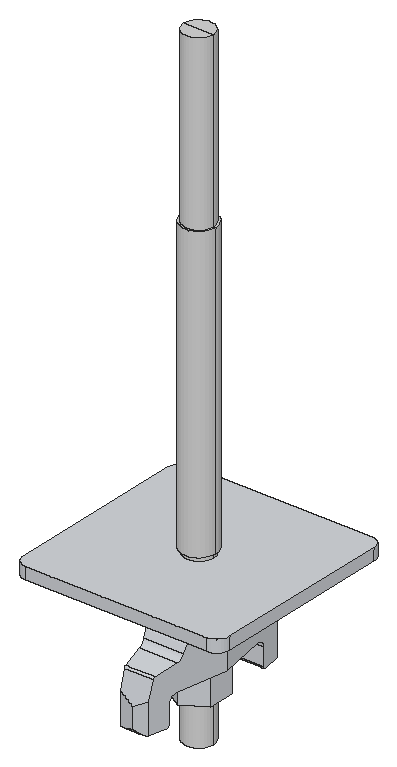
Revit family "MF_BULKHEAD BOLT_1904208", category Generic Models, Revit 2018
Family settings
  Can host rebar = No
  Round Connector Dimension = Use Diameter
  Part Type = Normal
  OmniClass Number = 35.51.14.00
  OmniClass Title = FORMWORK
  Work Plane-Based = Yes
  Always vertical = No
  Cut with Voids When Loaded = No
  Shared = Yes
  Room Calculation Point = No
Parameters
  VERSION = "20170217"  # constant formula
  URL = "www.ulmaconstruction.com/en"
  UNICLASS = ""
  Manufacturer = "ULMA CONSTRUCTION"  # constant formula
  ITEM_CODE = "1904208"
  FILTER [instance] = ""
  Default Elevation = 0.000 mm
  CLASSIFICATION_TITLE = ""
  CLASSIFICATION_NUMBER = ""
Reference planes
  plane 1 "Centro (Frontal/Posterior)": y = 0
  plane 2: z = 0
  plane 3 "Centro (Izquierda/Derecha)": x = 0
Forms (mm)
  Revolve 1, solid, material "ULMA ZINC"
    sketch origin (0, 0, 79.5) x (1, 0, 0) y (0, 0, 1)
      loop
        line (0, 0) -> (0, -370) -> (8.5, -370) -> (8.5, -270) -> (10, -270) -> (10, -100) -> (8.5, -100) -> (8.5, 0) -> (0, 0)
      axis (0, 0) -> (0, -370)
    angle from 0 to 360
Dimensions and locks
  aligned and locked: level to plane 2
Nested families
  nested 1: "TUERCA PLACA CAMPANA 15_1900256_ULMA ANCHOR" at (0, 0, -193) x (0, 1, 0) z (0, 0, -1), type "TUERCA PLACA CAMPANA 15_1900256_ULMA ANCHOR"
    with FILTER ""
Definition of nested family "TUERCA PLACA CAMPANA 15_1900256_ULMA ANCHOR"
  Parameters (values of type "TUERCA PLACA CAMPANA 15_1900256_ULMA ANCHOR")
    VERSION = "20170217"  # constant formula
    URL = "www.ulmaconstruction.com/en"
    UNICLASS = ""
    Manufacturer = "ULMA CONSTRUCTION"  # constant formula
    ITEM_CODE = "1900256"
    FILTER [instance] = ""
    Default Elevation = 0.000 mm
    CLASSIFICATION_TITLE = ""
    CLASSIFICATION_NUMBER = ""
  Reference planes
    plane 1 "Centro (Frontal/Posterior)": y = 0
    plane 2: z = 0
    plane 3 "Centro (Izquierda/Derecha)": x = 0
    plane 4 "SECTION": through (-43.557, -43.557, 1200) normal (-0.7071, 0.7071, 0)
  Forms (mm)
    Extrusion 1, solid
      sketch origin (0, 0, 0) x (1, 0, 0) y (0, 1, 0)
        loop
          spline (-52.513, 59.998) -> (-53.491, 59.933) -> (-54.453, 59.743) -> (-55.381, 59.428) -> (-56.259, 58.995) -> (-57.074, 58.451) -> (-57.81, 57.805) -> (-58.456, 57.069) -> (-59, 56.254) -> (-59.433, 55.376) -> (-59.748, 54.448) -> (-59.939, 53.486) -> (-60.003, 52.508)
          line (-60.003, 52.508) -> (-60.003, -52.513)
          spline (-60.003, -52.513) -> (-59.939, -53.491) -> (-59.748, -54.453) -> (-59.433, -55.38) -> (-59, -56.259) -> (-58.456, -57.074) -> (-57.81, -57.81) -> (-57.074, -58.456) -> (-56.259, -59) -> (-55.381, -59.433) -> (-54.453, -59.747) -> (-53.491, -59.938) -> (-52.513, -60.002)
          line (-52.513, -60.002) -> (52.508, -60.002)
          spline (52.508, -60.002) -> (53.486, -59.938) -> (54.447, -59.747) -> (55.375, -59.433) -> (56.254, -59) -> (57.069, -58.456) -> (57.805, -57.81) -> (58.451, -57.074) -> (58.995, -56.259) -> (59.428, -55.38) -> (59.742, -54.453) -> (59.933, -53.491) -> (59.997, -52.513)
          line (59.997, -52.513) -> (59.997, 52.508)
          spline (59.997, 52.508) -> (59.933, 53.486) -> (59.742, 54.448) -> (59.428, 55.376) -> (58.995, 56.254) -> (58.451, 57.069) -> (57.805, 57.805) -> (57.069, 58.451) -> (56.254, 58.995) -> (55.375, 59.428) -> (54.447, 59.743) -> (53.486, 59.933) -> (52.508, 59.998)
          line (52.508, 59.998) -> (-52.513, 59.998)
      from 0 to 7
    Revolve 2, solid, detail levels fine
      sketch origin (0, 0, 0) x (1, 0, 0) y (0, 0, 1)
        loop
          arc (-26.403, 28.248) -> (-35.162, 22.492) -> (-41.502, 14.146) r 31
          arc (-41.502, 14.146) -> (-43.054, 10.655) -> (-44.164, 7) r 31
          line (-44.164, 7) -> (-0.003, 7) -> (-0.003, 31) -> (-24.005, 31)
          arc (-24.005, 31) -> (-25.044, 30.582) -> (-25.504, 29.561) r 1.5
          arc (-25.504, 29.561) -> (-25.765, 28.776) -> (-26.403, 28.248) r 1.5
        axis (-0.003, 31) -> (-0.003, 7)
      angle from 0 to 360
    Extrusion 3, solid, detail levels fine
      sketch origin (0, 0, 0) x (1, 0, 0) y (0, 0, 1)
        loop
          spline (-34.633, 71.591) -> (-34.646, 71.778) -> (-34.686, 71.962) -> (-34.753, 72.137) -> (-34.845, 72.303) -> (-34.96, 72.455) -> (-35.098, 72.593) -> (-35.255, 72.713) -> (-35.43, 72.814) -> (-35.619, 72.895) -> (-35.82, 72.953) -> (-36.029, 72.988) -> (-36.244, 73)
          line (-36.244, 73) -> (-46.516, 73)
          spline (-46.516, 73) -> (-46.711, 72.987) -> (-46.903, 72.95) -> (-47.088, 72.888) -> (-47.262, 72.804) -> (-47.424, 72.697) -> (-47.569, 72.57) -> (-47.697, 72.425) -> (-47.805, 72.265) -> (-47.89, 72.092) -> (-47.952, 71.909) -> (-47.99, 71.718) -> (-48.003, 71.524)
          line (-48.003, 71.524) -> (-48.003, 60) -> (-43.372, 44.854)
          spline (-43.372, 44.854) -> (-43.327, 44.727) -> (-43.271, 44.605) -> (-43.204, 44.489) -> (-43.127, 44.38) -> (-43.041, 44.278) -> (-42.946, 44.184) -> (-42.842, 44.099) -> (-42.732, 44.023) -> (-42.615, 43.958) -> (-42.492, 43.904) -> (-42.365, 43.861) -> (-42.235, 43.83)
          line (-42.235, 43.83) -> (-29.114, 41.279)
          arc (-29.114, 41.279) -> (-26.79, 40.152) -> (-25.33, 38.021) r 5.036
          arc (-25.33, 38.021) -> (-23.65, 34.351) -> (-21.401, 31) r 25
          line (-21.401, 31) -> (21.401, 31)
          arc (21.401, 31) -> (23.65, 34.351) -> (25.33, 38.021) r 25
          arc (25.33, 38.021) -> (26.79, 40.152) -> (29.114, 41.279) r 5.036
          line (29.114, 41.279) -> (42.235, 43.83)
          spline (42.235, 43.83) -> (42.365, 43.861) -> (42.492, 43.904) -> (42.615, 43.958) -> (42.732, 44.023) -> (42.842, 44.099) -> (42.946, 44.184) -> (43.041, 44.278) -> (43.127, 44.38) -> (43.204, 44.489) -> (43.271, 44.605) -> (43.327, 44.727) -> (43.372, 44.854)
          line (43.372, 44.854) -> (48.003, 60) -> (48.003, 71.524)
          spline (48.003, 71.524) -> (47.99, 71.718) -> (47.952, 71.909) -> (47.89, 72.092) -> (47.805, 72.265) -> (47.697, 72.425) -> (47.569, 72.57) -> (47.424, 72.697) -> (47.262, 72.804) -> (47.088, 72.888) -> (46.903, 72.95) -> (46.711, 72.987) -> (46.516, 73)
          line (46.516, 73) -> (36.244, 73)
          spline (36.244, 73) -> (36.029, 72.988) -> (35.82, 72.953) -> (35.619, 72.895) -> (35.43, 72.814) -> (35.255, 72.713) -> (35.098, 72.593) -> (34.96, 72.455) -> (34.845, 72.303) -> (34.753, 72.137) -> (34.686, 71.962) -> (34.646, 71.778) -> (34.633, 71.591)
          line (34.633, 71.591) -> (34.633, 61.278)
          spline (34.633, 61.278) -> (34.587, 60.652) -> (34.453, 60.042) -> (34.231, 59.456) -> (33.925, 58.904) -> (33.54, 58.395) -> (33.081, 57.937) -> (32.557, 57.536) -> (31.975, 57.199) -> (31.344, 56.931) -> (30.674, 56.737) -> (29.976, 56.619) -> (29.261, 56.58)
          line (29.261, 56.58) -> (-29.261, 56.58)
          spline (-29.261, 56.58) -> (-29.976, 56.619) -> (-30.674, 56.737) -> (-31.344, 56.931) -> (-31.975, 57.199) -> (-32.557, 57.536) -> (-33.081, 57.937) -> (-33.54, 58.395) -> (-33.925, 58.904) -> (-34.231, 59.456) -> (-34.453, 60.042) -> (-34.587, 60.652) -> (-34.633, 61.278)
          line (-34.633, 61.278) -> (-34.633, 71.591)
      from -16 to 16
    Extrusion 4, solid, detail levels fine
      sketch origin (0, 0, 0) x (1, 0, 0) y (0, 1, 0)
        loop
          line (7.497, 12.988) -> (-7.503, 12.988) -> (-15.003, -0.002) -> (-7.503, -12.993) -> (7.497, -12.993) -> (14.997, -0.002) -> (7.497, 12.988)
      from 56.58 to 73
    Extrusion 5, void
      sketch origin (0, 0, 0) x (1, 0, 0) y (0, 1, 0)
        loop
          line (-48.003, -0.002) -> (-46.491, 7.998) -> (-0.003, 15.998) -> (-0.003, 25) -> (-54.003, 25) -> (-54.003, -25) -> (-0.003, -25) -> (-0.003, -16.002) -> (-46.491, -8.002) -> (-48.003, -0.002)
      from 31 to 73
    Extrusion 6, void
      sketch origin (0, 0, 0) x (-1, 0, 0) y (0, -1, 0)
        loop
          line (-48.003, 0.002) -> (-46.491, 8.002) -> (-0.003, 16.002) -> (-0.003, 25) -> (-54.003, 25) -> (-54.003, -25) -> (-0.003, -25) -> (-0.003, -15.998) -> (-46.491, -7.998) -> (-48.003, 0.002)
      from 31 to 73
    Extrusion 7, solid, detail levels fine
      sketch origin (0, 0, 0) x (-0.707107, -0.707107, 0) y (0, 0, 1)
        loop
          line (74.156, 7) -> (26.229, 28.338) -> (-26.222, 28.338) -> (-74.149, 7) -> (74.156, 7)
      from -6 to 6
    Extrusion 8, solid, detail levels fine
      sketch origin (0, 0, 0) x (0.707107, -0.707107, 0) y (0, 0, -1)
        loop
          line (74.156, -7) -> (-74.149, -7) -> (-26.222, -28.338) -> (26.229, -28.338) -> (74.156, -7)
      from -6 to 6
  Cuts and joins
    Extrusion 5, Extrusion 6 cuts Extrusion 3
    joined: Revolve 2, Extrusion 3, Extrusion 4
    joined: Extrusion 7, Extrusion 8
  Lines and regions (mm)
    model lines, detail levels fine
      curve 1: circle (0, 0, 73) r 7.5 normal (0, 0, 1)
  Dimensions and locks
    aligned and locked: level to plane 2
